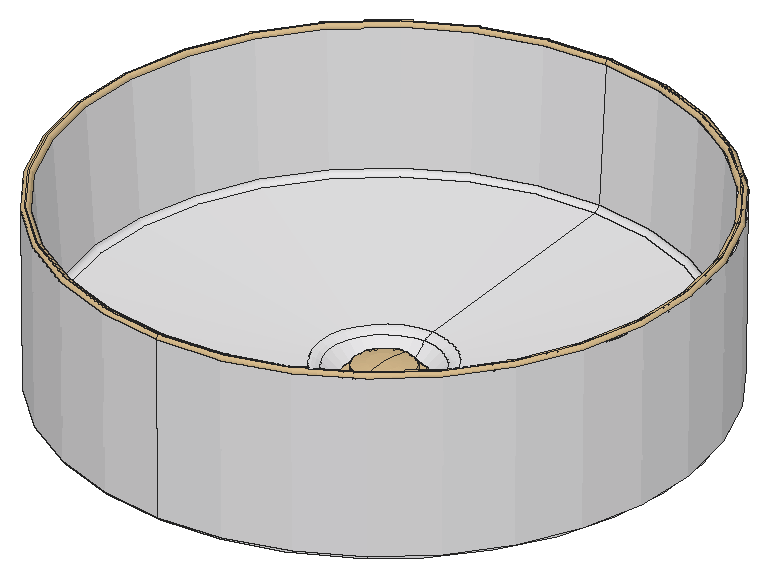
Revit family "Sink-Vessel-Lavatory-KOHLER-MICA-K-77675T_1", category Plumbing Fixtures, host Face, Revit 2017
Family settings
  Host = Face
  Round Connector Dimension = Use Diameter
  Part Type = Normal
  OmniClass Number = 23.31.13.00
  OmniClass Title = Sinks
  Cut with Voids When Loaded = No
  Shared = No
  Room Calculation Point = No
Parameters (values of type "0- White")
  Width = 16 9/64"  # constant formula
  WaterSense Certified = 1 = 0  # no
  Waste Water Outlet = "Waste Water Outlet"  # constant formula
  Waste Connection = 1 = 1  # yes
  Vent Connection = 1 = 0  # no
  URL = "http://www.kohler.com.cn/"
  Type = 1
  Product Page URL = "https://www.kohler.com.cn/product/K-77675T-PD-0/K-77675T-PD-0/"
  Product Name = "MICA"  # constant formula
  Product Documentation Link = "https://files.kohler.com.cn/pdfs/1562059867206_77675_1279591-T01.pdf"
  Model = "K-77675T-PD-0"  # constant formula
  Material = "Vitreous China"  # constant formula
  Master Format 2014 Name = "Residential Lavatories and Sinks"  # constant formula
  Master Format 2014 = "22 41 16"  # constant formula
  Manufacturer Address = "Kohler Beijing Office (100016) 36-2-03-B, No. 88, Liuxiang Road, Beijing"  # constant formula
  Manufacturer = "KOHLER Co."  # constant formula
  Length = 16 9/64"  # constant formula
  Hot Water Inlet = "Hot Water Inlet"  # constant formula
  Height = 6 37/128"  # constant formula
  HW Connection = 1 = 0  # no
  Finish = Kohler-Vitreous_China-0-White
  Environmental Product Declaration = ""
  Drain Included = 1 = 0  # no
  Description = "Silk Jia Star Diamond Round Art Table Basin Gold"  # constant formula
  Default Elevation = 36"
  Declare Label = ""
  Date Modified = "07/22/2021"  # constant formula
  Date Created = "07/22/2021"  # constant formula
  Copyright = "Copyright KOHLER Co."  # constant formula
  Contact Us = "http://www.kohler.com.cn/contact/contact-us/"
  Cold Water Inlet = "Cold Water Inlet"  # constant formula
  CW Connection = 1 = 0  # no
  Assembly Code = "D2010400"
  ADA Compliant = 1 = 0  # no
Reference planes (in)
  plane 1 "Center (Front/Back)": y = 0
  plane 2: z = 0
  plane 3 "Center (Left/Right)": x = 0
  plane 4: x = -8.07087
  plane 5: y = 8.07087
  plane 6: x = 8.06976
  plane 7: y = -8.06976
  plane 8: z = 4.72441
  plane 9: z = -1.56465
Forms (in)
  Extrusion 1, void
    sketch origin (0, 0, 0) x (1, 0, 0) y (0, 1, 0)
      loop
        circle (0, 0) r 2.95276
    from -3.01445 to 0
Dimensions and locks (in)
  "Width": plane 4 to plane 6
  "Length": plane 5 to plane 7
  "Height": plane 9 to plane 8
  level to plane 8 = 4.72441"
  level to plane 9 = 1.56465"
  plane 5 to plane 7 = 16 9/64"
  aligned and locked: plane 2 to host face
  aligned and locked: level to host face
  aligned and locked: plane 3 "Center (Left/Right)" to nested 1
  aligned and locked: plane 1 "Center (Front/Back)" to nested 1
  aligned and locked: level to nested 1
Automatic sketch dimensions
  host sketch curve to host sketch curve = 96"  (x2)
  plane 1 "Center (Front/Back)" to Extrusion 1 sketch curve = 0"
  Extrusion 1 sketch curve to plane 3 "Center (Left/Right)" = 0"
  radius of Extrusion 1 sketch curve = 2.95276"
Nested families (in)
  nested 1: "K-77675T" at (0, 0, -30.83024), type "K-77675T"
Connectors (in)
  piping at (0, 0, -1.56299), diameter 1.5, driven by "Waste Connection", driven by "Waste Water Outlet"
    settings: on nested 1, index 1, connector inside diameter 24", connector length 0", flow factor 0, pipe flow 0 GPM, pressure drop 0.00 psi, fitting loss kfactor 0, connector angle 0.00°, fixture units 0, engagement length 0", angle of deflection 0.00°, flow configuration 0, flow direction 2, fitting loss method 0, system type 16, joint type 0, gender type 0, connector reference index -1, connector utility 1, adjustable connector no, is connector primary yes, connector description "Waste Water Outlet"
Definition of nested family "K-77675T"
  Parameters (values of type "K-77675T")
    Material = none
  Reference planes (in)
    plane 1 "Center (Front/Back)": y = 0
    plane 2: z = 30.83024
    plane 3 "Center (Left/Right)": x = 0
    plane 4: y = 8.07087
    plane 5: y = -8.07087
    plane 6: z = 35.55465
    plane 7: z = 29.26725
    plane 8: x = -8.07087
    plane 9: x = 8.07087
    plane 10: z = 30.83024
  Forms (in)
    Revolve 1, solid, material <- "Material", detail levels medium+fine
      sketch origin (0, 0, 0) x (0, 1, 0) y (0, 0, 1)
        loop
          line (7.93307, 30.83024) -> (7.93307, 30.90898) -> (8.0128, 30.90898) -> (8.07087, 35.45493) -> (7.84749, 35.45493) -> (7.60701, 32.01585)
          arc (7.60701, 32.01585) -> (7.56223, 31.91645) -> (7.46364, 31.86995) r 0.15748
          line (7.46364, 31.86995) -> (1.70154, 31.36583)
          arc (1.70154, 31.36583) -> (1.55868, 31.33105) -> (1.43272, 31.2552) r 0.48689
          line (1.43272, 31.2552) -> (0.84393, 30.76572)
          arc (0.84393, 30.76572) -> (0.81745, 30.75055) -> (0.78739, 30.74529) r 0.08844
          line (0.78739, 30.74529) -> (0, 30.74529) -> (0, 29.26725) -> (1.13564, 29.26725)
          arc (1.13564, 29.26725) -> (1.24171, 29.3085) -> (1.29205, 29.41057) r 0.157
          line (1.29205, 29.41057) -> (1.40558, 30.70821)
          arc (1.40558, 30.70821) -> (1.47397, 30.85488) -> (1.62064, 30.92327) r 0.23658
          line (1.62064, 30.92327) -> (6.39403, 31.34089)
          arc (6.39403, 31.34089) -> (6.67213, 31.26141) -> (6.82605, 31.01653) r 0.40447
          arc (6.82605, 31.01653) -> (6.9061, 30.88279) -> (7.05285, 30.83024) r 0.23121
          line (7.05285, 30.83024) -> (7.93307, 30.83024)
        axis (0, 35.45493) -> (0, 29.26725)
      angle from 0 to 360
    Revolve 2, solid, detail levels medium+fine
      sketch origin (0, 0, 0) x (0, 1, 0) y (0, 0, 1)
        loop
          arc (8.07087, 35.45493) -> (8.04274, 35.52534) -> (7.97281, 35.55465) r 0.09807
          line (7.97281, 35.55465) -> (7.94179, 35.55465)
          arc (7.94179, 35.55465) -> (7.87317, 35.5251) -> (7.84749, 35.45493) r 0.09444
          line (7.84749, 35.45493) -> (8.07087, 35.45493)
        loop
          arc (0.65556, 30.74529) -> (0.69037, 30.74981) -> (0.72287, 30.7631) r 0.1361
          arc (0.72287, 30.7631) -> (0.87751, 30.84042) -> (1.03956, 30.90073) r 1.61148
          arc (1.03956, 30.90073) -> (1.06093, 30.93698) -> (1.027, 30.96188) r 0.03137
          arc (1.027, 30.96188) -> (0.9052, 30.92774) -> (0.80189, 30.85473) r 0.37178
          arc (0.80189, 30.85473) -> (0.78146, 30.84106) -> (0.75735, 30.83626) r 0.06295
          line (0.75735, 30.83626) -> (0.23427, 30.83626) -> (0.23427, 31.07169) -> (0.69924, 31.07169) -> (0.72962, 31.10208)
          arc (0.72962, 31.10208) -> (0.733, 31.11907) -> (0.7186, 31.12869) r 0.01559
          line (0.7186, 31.12869) -> (0.65065, 31.12869)
          arc (0.65065, 31.12869) -> (0.63462, 31.13533) -> (0.62798, 31.15137) r 0.02267
          line (0.62798, 31.15137) -> (0.62798, 31.20817)
          arc (0.62798, 31.20817) -> (0.63487, 31.2248) -> (0.6515, 31.23169) r 0.02352
          line (0.6515, 31.23169) -> (0.74872, 31.23169)
          arc (0.74872, 31.23169) -> (0.77196, 31.252) -> (0.75496, 31.27776) r 0.02345
          arc (0.75496, 31.27776) -> (0.38093, 31.35436) -> (0, 31.38004) r 2.83603
          line (0, 31.38004) -> (0, 30.74529) -> (0.65556, 30.74529)
        axis (0, 35.55465) -> (0, 30.74529)
      angle from 0 to 360
    Revolve 3, solid, material <- "Material", detail levels coarse
      sketch origin (0, 0, 0) x (0, 1, 0) y (0, 0, 1)
        loop
          line (8.01179, 30.83024) -> (8.07214, 35.55465) -> (7.85447, 35.55465) -> (7.59763, 31.88167) -> (1.54983, 31.35256) -> (0.81935, 30.74529) -> (0, 30.74529) -> (0, 29.26725) -> (1.27951, 29.26725) -> (1.41625, 30.83024) -> (8.01179, 30.83024)
        axis (0, 35.55465) -> (0, 29.26725)
      angle from 0 to 360
  Lines and regions (in)
    Masking region 1
      outline origin (0, 0, 0) x (0, 1, 0) y (0, 0, 1)
        loop
          line (7.93307, 30.83024) -> (7.93307, 30.90898) -> (8.0128, 30.90898) -> (8.07087, 35.45497)
          arc (8.07087, 35.45497) -> (8.04249, 35.52538) -> (7.97245, 35.55465) r 0.09843
          line (7.97245, 35.55465) -> (-7.97245, 35.55465)
          arc (-7.97245, 35.55465) -> (-8.04249, 35.52538) -> (-8.07087, 35.45497) r 0.09843
          line (-8.07087, 35.45497) -> (-8.0128, 30.90898) -> (-7.93307, 30.90898) -> (-7.93307, 30.83024) -> (-1.45252, 30.83024)
          arc (-1.45252, 30.83024) -> (-1.42045, 30.77254) -> (-1.40558, 30.70821) r 0.23658
          line (-1.40558, 30.70821) -> (-1.29205, 29.41057)
          arc (-1.29205, 29.41057) -> (-1.24171, 29.3085) -> (-1.13564, 29.26725) r 0.157
          line (-1.13564, 29.26725) -> (1.13564, 29.26725)
          arc (1.13564, 29.26725) -> (1.24171, 29.3085) -> (1.29205, 29.41057) r 0.157
          line (1.29205, 29.41057) -> (1.40558, 30.70821)
          arc (1.40558, 30.70821) -> (1.42045, 30.77254) -> (1.45252, 30.83024) r 0.23658
          line (1.45252, 30.83024) -> (7.93307, 30.83024)
    Masking region 2
      outline origin (0, 0, 0) x (1, 0, 0) y (0, 0, 1)
        loop
          line (-7.93307, 30.83024) -> (-1.45252, 30.83024)
          arc (-1.45252, 30.83024) -> (-1.42045, 30.77254) -> (-1.40558, 30.70821) r 0.23658
          line (-1.40558, 30.70821) -> (-1.29205, 29.41057)
          arc (-1.29205, 29.41057) -> (-1.24171, 29.3085) -> (-1.13564, 29.26725) r 0.157
          line (-1.13564, 29.26725) -> (1.13564, 29.26725)
          arc (1.13564, 29.26725) -> (1.24171, 29.3085) -> (1.29205, 29.41057) r 0.157
          line (1.29205, 29.41057) -> (1.40558, 30.70821)
          arc (1.40558, 30.70821) -> (1.42045, 30.77254) -> (1.45252, 30.83024) r 0.23658
          line (1.45252, 30.83024) -> (7.93307, 30.83024) -> (7.93307, 30.90898) -> (8.0128, 30.90898) -> (8.07087, 35.45497)
          arc (8.07087, 35.45497) -> (8.04249, 35.52538) -> (7.97245, 35.55465) r 0.09843
          line (7.97245, 35.55465) -> (-7.97245, 35.55465)
          arc (-7.97245, 35.55465) -> (-8.04249, 35.52538) -> (-8.07087, 35.45497) r 0.09843
          line (-8.07087, 35.45497) -> (-8.0128, 30.90898) -> (-7.93307, 30.90898) -> (-7.93307, 30.83024)
    Masking region 3
      outline origin (0, 0, 30.83024) x (1, 0, 0) y (0, 1, 0)
        loop
          circle (0, 0) r 8.07087
    symbolic lines, detail levels medium+fine
      curve 1: line (0, 7.93307, 30.90898) -> (0, -7.93307, 30.90898)
      curve 2: line (0, 8.07087, 35.45493) -> (0, -8.07087, 35.45493)
      curve 3: line (0, 1.29205, 29.41057) -> (0, -1.29205, 29.41057)
      curve 4: line (0, 1.40558, 30.70821) -> (0, -1.40558, 30.70821)
      curve 5: line (-1.45252, 0, 30.83024) -> (1.45252, 0, 30.83024)
      curve 6: line (-7.93307, 0, 30.90898) -> (7.93307, 0, 30.90898)
      curve 7: line (-1.29205, 0, 29.41057) -> (1.29205, 0, 29.41057)
      curve 8: line (-1.40558, 0, 30.70821) -> (1.40558, 0, 30.70821)
      curve 9: line (-8.07087, 0, 35.45497) -> (8.07087, 0, 35.45497)
      curve 10: circle (0, 0, 30.83024) r 0.77121 normal (0, 0, 1)
      curve 11: circle (0, 0, 30.83024) r 1.05859 normal (0, 0, 1)
      curve 12: circle (0, 0, 30.83024) r 0.71834 normal (0, 0, 1)
      curve 14: circle (0, 0, 30.83024) r 7.58925 normal (0, 0, 1)
      curve 15: circle (0, 0, 30.83024) r 7.48031 normal (0, 0, 1)
      curve 16: circle (0, 0, 30.83024) r 1.02971 normal (0, 0, 1)
      curve 18: circle (0, 0, 30.83024) r 1.70847 normal (0, 0, 1)
      curve 19: line (0, 1.45252, 30.83024) -> (0, -1.45252, 30.83024)
    symbolic lines
      curve 13: circle (0, 0, 30.83024) r 7.84749 normal (0, 0, 1)
      curve 17: circle (0, 0, 30.83024) r 1.4982 normal (0, 0, 1)
  Dimensions and locks (in)
    aligned and locked: plane 2 to level
